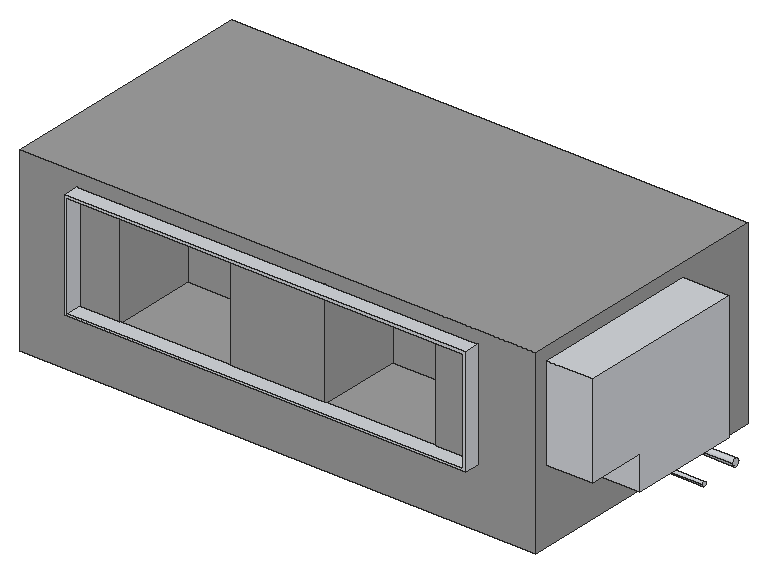
Revit family "Trane_TVR_Indoor_Fresh Air_4TVF0042(48)EF000AA(2nd DC)", category Equipamento mecânico, Revit 2019
Family settings
  Cota do conector redondo = Utilizar diâmetro
  Tipo de parte = Normal
  Número OmniClass = 23.75.00.00
  Título OmniClass = Climate Control (HVAC)
  Com base no plano de trabalho = Não
  Sempre na vertical = Sim
  Corte com vazios quando carregada = Não
  Compartilhado = Não
  Ponto de cálculo do ambiente = Não
Parameters (values of type "4TVF0048EF000AA")
  clearance access right = 600.000 mm
  clearance access left = 600.000 mm
  clearance access front = 500.000 mm
  clearance access behind = 600.000 mm
  clearance [instance] = no
  Width = 1322.000 mm
  URL = "https://www.trane.com/commercial/latin-america/br/pt.html"
  Series = "ULTRA"
  Power supply = "220-240V ~50/60Hz"
  Net Weight = 68.00 kg
  Modelo = "4TVF0048EF000AA"
  Minimum Circuit Amps = 3.5 A
  Maximum Fuse Amps = 15 A
  Fabricante = "TRANE"
  Liquid pipe = 9.530 mm
  Installation = "Indoor installation"
  Height = 423.000 mm
  Heating Power Input = 480.000 W
  Heating Capacity = 12.00 kW
  Gas pipe = 15.900 mm
  Gas = "R410a"
  Descrição = "High efficiency air cooled"
  Depth = 691.000 mm
  Cooling Power Input = 480.000 W
  Cooling Capacity = 14.00 kW
  Condensation = "air"
  Air  Flow = "2000/1917/1833/1750/1667/1583/1500 m3/h"
Types (3, lengths in mm): name | Modelo | Heating Capacity | Cooling Capacity
  (no name) | "4TVF0048EF000AA" | 12.00 kW | 14.00 kW
  4TVF0042EF000AA | "4TVF0042EF000AA" | 10.50 kW | 12.50 kW
  4TVF0048EF000AA | "4TVF0048EF000AA" | 12.00 kW | 14.00 kW
Reference planes
  plane 1 "Center (Front/Back)": y = 0
  plane 2: z = 0
  plane 3 "Center (Left/Right)": x = 0
  plane 4: x = -606
  plane 5: z = 423
  plane 6: y = -502.073
  plane 7: y = 188.927
  plane 8: x = 716
  plane 9: x = 716
Forms (mm)
  Extrusion 1, solid, material "Default"
    sketch origin (0, 0, 0) x (1, 0, 0) y (0, 1, 0)
      loop
        line (-606, 158.927) -> (-606, -464.5) -> (606, -464.5) -> (606, 158.927) -> (-606, 158.927)
    from 0 to 423
  Extrusion 2, void
    sketch origin (0, 0, 0) x (1, 0, 0) y (0, 0, 1)
      loop
        line (-371, 393) -> (-371, 140) -> (-111, 140) -> (-111, 393) -> (-371, 393)
      loop
        line (371, 140) -> (371, 393) -> (111, 393) -> (111, 140) -> (371, 140)
    from 265 to 464.5
  Extrusion 3, solid
    sketch origin (0, 0, 0) x (0, 1, 0) y (0, 0, 1)
      loop
        line (-434.5, 393) -> (-434.5, 173) -> (-294.5, 173) -> (-294.5, 93) -> (-34.5, 93) -> (-34.5, 393) -> (-434.5, 393)
    from 606 to 716
  Extrusion 4, solid
    sketch origin (0, 267.922, -232.901) x (0, 1, 0) y (0, 0, 1)
      loop
        circle (-374.345, 260.518) r 4.765
    from 606 to 716
  Extrusion 5, solid
    sketch origin (0, 360.525, -291.246) x (0, 1, 0) y (0, 0, 1)
      loop
        circle (-374.825, 323.782) r 7.95
    from 606 to 716
  Extrusion 6, solid
    sketch origin (0, 0, 0) x (1, 0, 0) y (0, 0, 1)
      loop
        line (-471, 393) -> (-471, 140) -> (471, 140) -> (471, 393) -> (-471, 393)
      loop
        line (-466, 388) -> (-466, 145) -> (466, 145) -> (466, 388) -> (-466, 388)
    from 464.5 to 502.073
  Extrusion 7, solid
    sketch origin (0, 0, 0) x (1, 0, 0) y (0, 0, 1)
      loop
        line (540, 381.77) -> (-525, 381.77) -> (-525, 41.77) -> (540, 41.77) -> (540, 381.77)
      loop
        line (535, 376.77) -> (-520, 376.77) -> (-520, 46.77) -> (535, 46.77) -> (535, 376.77)
    from -188.927 to -158.927
Cuts and joins
  Extrusion 2 cuts Extrusion 1
Dimensions and locks
  aligned and locked: level to plane 2
Connectors
  piping at (716, -106.423, 27.617), diameter 9.53
    settings: on Extrusion 4, index 2, connector inside diameter 0.3752", connector length 0.000 mm, flow factor 0, pipe flow 0 GPM, pressure drop 0.00 psi, fitting loss kfactor 0, connector angle 0.00°, fixture units 0, engagement length 0.000 mm, angle of deflection 0.00°, flow configuration 0, flow direction 0, fitting loss method 0, system type 29, joint type 0, gender type 0, connector reference index -1, connector utility 0, adjustable connector no, is connector primary yes, connector description "Liquid pipe"
  piping at (716, -14.3, 32.536), diameter 15.9
    settings: on Extrusion 5, index 3, connector inside diameter 0.62598", connector length 0.000 mm, flow factor 0, pipe flow 0 GPM, pressure drop 0.00 psi, fitting loss kfactor 0, connector angle 0.00°, fixture units 0, engagement length 0.000 mm, angle of deflection 0.00°, flow configuration 0, flow direction 0, fitting loss method 0, system type 29, joint type 0, gender type 0, connector reference index -1, connector utility 0, adjustable connector no, is connector primary no, connector description "Gas pipe"
  hvac at (0, -502.073, 266.5)
    settings: on Extrusion 6, index 4, duct flow 0.00 m³/h, flow factor 0, pres drop 0.00 in-wg, loss coef 0, conn angle 0.00°, conn width 36.69291", conn height 9.56693", conn diameter 24", duct sys type 1, conn prof type 1, flow config 0, flow direction 0, loss method 0, conn ref index -1, conn util no, is conn primary yes, conn desc ""
  hvac at (7.5, 188.927, 211.77)
    settings: on Extrusion 7, index 5, duct flow 0.00 m³/h, flow factor 0, pres drop 0.00 in-wg, loss coef 0, conn angle 0.00°, conn width 41.53543", conn height 12.99213", conn diameter 24", duct sys type 1, conn prof type 1, flow config 0, flow direction 0, loss method 0, conn ref index -1, conn util no, is conn primary no, conn desc ""
  electrical at (716, -254.5, 219.667)
    settings: on Extrusion 3, index 6, voltage 220 V, apparent load 0 VA, apparent load phase1 0 VA, apparent load phase2 0 VA, apparent load phase3 0 VA, power factor 1, load classification "Other", number of poles 1, system type 30, power factor state 1, is connector primary yes, connector utility no, sub classification motor no, connector description ""
